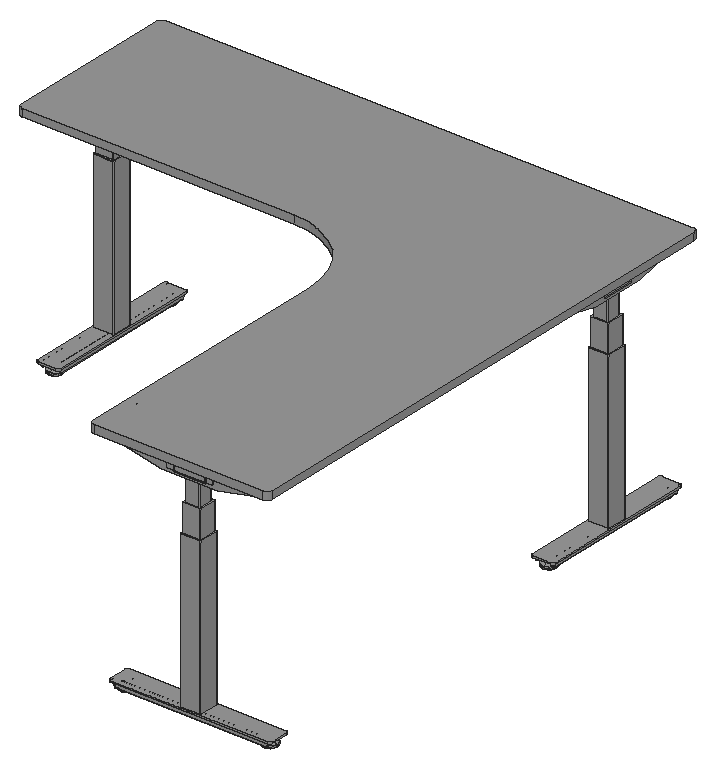
Revit family "3-Leg upCentric_72x72_Right", category Furniture, Revit 2014 (continued)
Definition of nested family "3-Leg upCentric_72x72_Left"
  Automatic sketch dimensions
    Extrusion 153 sketch curve to Extrusion 153 sketch curve = 0.13594"
    plane 17 to Extrusion 153 sketch curve = 0.20173"
    Extrusion 153 sketch curve to Extrusion 153 sketch curve = 0.01357"
    Extrusion 153 to Extrusion 154 sketch curve = 0.26606"
    Extrusion 153 to Extrusion 154 sketch curve = 0.45911"
    Extrusion 153 to Extrusion 155 sketch curve = 0.26606"
    Extrusion 153 to Extrusion 155 sketch curve = 0.9813"
    Extrusion 153 to Extrusion 156 sketch curve = 0.1428"
    Extrusion 156 sketch curve to Extrusion 153 = 0.10176"
    Extrusion 153 to Extrusion 156 sketch curve = 1.67033"
    Extrusion 156 sketch curve to Extrusion 156 sketch curve = 0.16977"
    Extrusion 156 sketch curve to Extrusion 156 sketch curve = 0.33955"
    Extrusion 153 to Extrusion 157 sketch curve = 0.26606"
    Extrusion 153 to Extrusion 157 sketch curve = 0.45911"
    Extrusion 153 to Extrusion 158 sketch curve = 0.26606"
    Extrusion 153 to Extrusion 158 sketch curve = 0.9813"
    Extrusion 153 to Extrusion 159 sketch curve = 0.0803"
    Extrusion 159 sketch curve to Extrusion 153 = 0.16426"
    Extrusion 153 to Extrusion 159 sketch curve = 1.33078"
    Extrusion 159 sketch curve to Extrusion 159 sketch curve = 0.16977"  (x2)
    Extrusion 153 to Extrusion 160 sketch curve = 0.05571"
    Extrusion 160 sketch curve to Extrusion 153 = 0.12798"
    Extrusion 153 to Extrusion 160 sketch curve = 1.7769"
    Extrusion 160 sketch curve to Extrusion 160 sketch curve = 0.44947"
    plane 16 to Extrusion 161 sketch curve = 0.52705"
    plane 9 to Extrusion 161 sketch curve = 22.44837"
    Extrusion 161 sketch curve to Extrusion 161 sketch curve = 1.24202"
    plane 27 to Extrusion 48 sketch curve = 2.66564"
    Extrusion 48 sketch curve to plane 30 = 9 3/4"
    plane 3 "Center (Left/Right)" to Extrusion 48 sketch curve = 10 3/4"
    Extrusion 48 sketch curve to plane 8 = 125/256"
    Extrusion 48 sketch curve to plane 6 = 3.955"
    plane 24 to Extrusion 48 sketch curve = 11 195/256"
    radius of Extrusion 2 sketch curve = 0.31475"
    radius of Extrusion 5 sketch curve = 0.31475"
    radius of Extrusion 8 sketch curve = 0.14857"
    radius of Extrusion 9 sketch curve = 0.14857"
    radius of Extrusion 10 sketch curve = 0.14857"
    radius of Extrusion 11 sketch curve = 0.14857"
    radius of Extrusion 12 sketch curve = 0.14857"
    radius of Extrusion 13 sketch curve = 0.14857"
    radius of Extrusion 14 sketch curve = 0.1198"
    radius of Extrusion 16 sketch curve = 0.1198"
    radius of Extrusion 18 sketch curve = 0.1198"
    radius of Extrusion 20 sketch curve = 0.1198"
    radius of Extrusion 24 sketch curve = 0.1198"
    radius of Extrusion 24 sketch curve = 0.07775"
    radius of Extrusion 26 sketch curve = 0.1198"
    radius of Extrusion 26 sketch curve = 0.07775"
    radius of Extrusion 28 sketch curve = 0.1198"
    radius of Extrusion 30 sketch curve = 0.1198"
    radius of Extrusion 32 sketch curve = 0.1198"
    radius of Extrusion 32 sketch curve = 0.07775"
    radius of Extrusion 34 sketch curve = 0.1198"
    radius of Extrusion 34 sketch curve = 0.07775"
    radius of Extrusion 36 sketch curve = 0.1198"
    radius of Extrusion 38 sketch curve = 0.1198"
    radius of Extrusion 40 sketch curve = 0.1198"
    radius of Extrusion 44 sketch curve = 0.1198"
    radius of Extrusion 75 sketch curve = 0.1198"
    radius of Extrusion 75 sketch curve = 0.07775"
    radius of Extrusion 77 sketch curve = 0.1198"
    radius of Extrusion 112 sketch curve = 0.13929"
    radius of Extrusion 113 sketch curve = 0.13929"
    radius of Extrusion 115 sketch curve = 0.13929"
    radius of Extrusion 116 sketch curve = 0.13929"
    radius of Extrusion 124 sketch curve = 0.1198"
    radius of Extrusion 124 sketch curve = 0.07775"
    radius of Extrusion 126 sketch curve = 0.1198"
    radius of Extrusion 154 sketch curve = 0.13929"
    radius of Extrusion 155 sketch curve = 0.13929"
    radius of Extrusion 157 sketch curve = 0.13929"
    radius of Extrusion 158 sketch curve = 0.13929"
